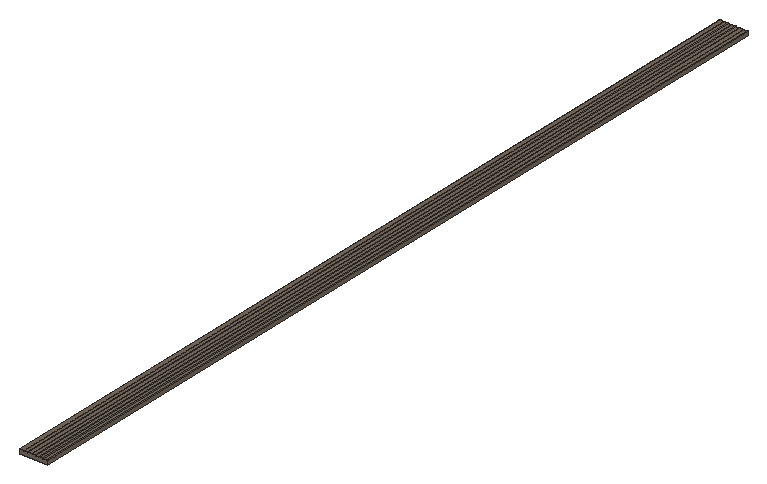
Revit family "221010030038299", category Modelos genéricos, Revit 2018
Family settings
  Puede alojar armadura = No
  Cota de conector redondo = Diámetro de uso
  Tipo de pieza = Normal
  Se basa en plano de trabajo = No
  Siempre vertical = No
  Corte con vacíos al cargar = No
  Compartido = No
  Punto de cálculo de habitación = No
Parameters (values of type "FASCIA DECK RAINBODECK HPC 70X10MM CHOCOLATE TIRA 2.2MT")
  Ventajas = ""
  Uso = "Producto fabricado en tablas de HPC High Performance Composite, y es una alternativa a la madera tradicional. Debido a su formulación hPC, es un producto innovador, ya que combina la apariencia y nobleza de la madera, con la resistencia y la durabilidad de los polimeros. Siendo un producto de más larga duración y menor mantención."
  Unidad = "Tiras de 2.20 Mts"
  URL = "https://www.empresascnp.cl/"
  Num SKUs = "221010030038299"
  Nombre SKU = "FASCIA DECK RAINBODECK HPC 70X10MM CHOCOLATE TIRA 2.2MT"
  Model = "FASCIA DECK RAINBODECK HPC"
  Material = HPC chocolate
  Url Ficha tecnica = "https://empresascnp.cl/wp-content/uploads//pdf/ficha-tecnica-deck-rainbodeck-hpc-160x25mm-chocolate-tira-2-2mt.pdf"
  Largo = 2200.00 mm
  Espesor = 10.00 mm
  Empresa = "CNP SPA."
  Dureza = ""
  Dimension = 70.00 mm
  Description = "FASCIA DECK RAINBODECK HPC"
  Contacto = "info@empresascnp.cl"
  Color = "Chocolate"
  Aplicacion = "Fascia para Deck"
  Alto = 10.00 mm
Reference planes
  plane 1 "Center F/B": y = 0
  plane 2: z = 0
  plane 3 "Center L/R": x = 0
  plane 4: z = -10
  plane 5 "2": y = 1100
  plane 6 "3": y = -1100
  plane 7: x = 70
  plane 8: z = -2
  plane 9 "4": x = 2
Forms (mm)
  Extrusion 1, solid, material "HPC chocolate" <- "Material"
    sketch origin (0, 0, 0) x (1, 0, 0) y (0, 0, 1)
      loop
        line (0, -1) -> (0, -10) -> (70, -10) -> (70, -1)
        arc (70, -1) -> (69.707, -0.293) -> (69, 0) r 1
        line (69, 0) -> (61, 0)
        arc (61, 0) -> (60, -1) -> (59, 0) r 1
        line (59, 0) -> (51, 0)
        arc (51, 0) -> (50, -1) -> (49, 0) r 1
        line (49, 0) -> (41, 0)
        arc (41, 0) -> (40, -1) -> (39, 0) r 1
        line (39, 0) -> (31, 0)
        arc (31, 0) -> (30, -1) -> (29, 0) r 1
        line (29, 0) -> (21, 0)
        arc (21, 0) -> (20, -1) -> (19, 0) r 1
        line (19, 0) -> (11, 0)
        arc (11, 0) -> (10, -1) -> (9, 0) r 1
        line (9, 0) -> (1, 0)
        arc (1, 0) -> (0.293, -0.293) -> (0, -1) r 1
    from -1100 to 1100
Dimensions and locks
  "Alto": level to plane 4
  equal spacing: plane 6 "3", plane 1 "Center F/B", plane 5 "2"
  "Largo": plane 6 "3" to plane 5 "2"
  "Dimension": plane 7 to plane 3 "Center L/R"
Automatic sketch dimensions
  Extrusion 1 sketch curve to plane 3 "Center L/R" = 0.00 mm
  Extrusion 1 sketch curve to level = 0.00 mm
  Extrusion 1 sketch curve to plane 7 = 0.00 mm
  Extrusion 1 sketch curve to plane 4 = 0.00 mm
  Extrusion 1 sketch curve to level = 1.00 mm
  plane 9 "4" to Extrusion 1 sketch curve = 8.00 mm
  Extrusion 1 sketch curve to Extrusion 1 sketch curve = 10.00 mm  (x5)
  Extrusion 1 sketch curve to Extrusion 1 sketch curve = 1.00 mm  (x7)
